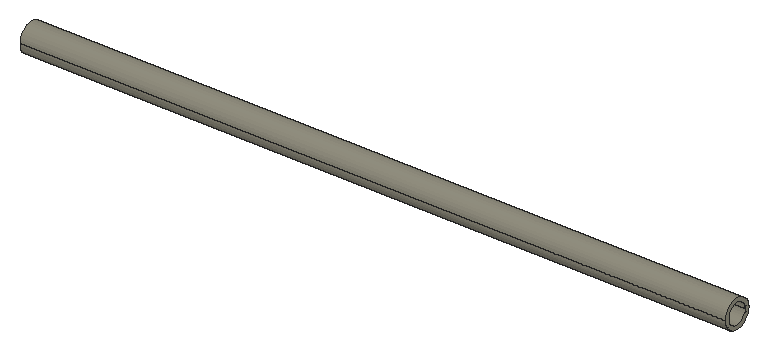
Revit family "Construction_Roof-Accessories_Alpine-SnowGuards_PP75-Pipe", category Specialty Equipment, Revit 2019
Family settings
  Round Connector Dimension = Use Diameter
  Part Type = Normal
  OmniClass Number = 23.35.20.31.27.14
  OmniClass Title = Snow Guards
  Work Plane-Based = No
  Always vertical = Yes
  Cut with Voids When Loaded = No
  Shared = No
  Room Calculation Point = No
Parameters (values of type "PP75")
  URL = "https://www.alpinesnowguards.com/pipe-style-accessories-page?utm_source=bimobject&utm_medium=productlisting&utm_campaign=2022marketing"
  Product data url = "https://www.bimobject.com/alpine-snowguards/product/pipe-style-snow-guard-accessories"
  Product Material [instance] = Alpine SnowGuards - Aluminium - Mill Finish
  Product Guid = "61fc9796-3cde-4d78-8ab7-833e68d74063"
  Pipe Length [instance] = 36.63918"
  Pipe Outside Diameter [instance] = 1"
  PID [instance] = Pipe Outside Diameter - 2 * 1/8"  # 3/4"
  Model = "PP75"
  Manufacturer = "Alpine SnowGuards"  # constant formula
  Length [instance] = 25"
  Keynote = "07720"
  Edition number = 1
  Description = "Pipe Style Snow Guard Accessories- PP75 Pipe"  # constant formula
  Collar Diameter [instance] = Pipe Outside Diameter + 5" / 16  # 1 5/16"
  Cap Diameter [instance] = Pipe Outside Diameter - 2 * 1/32"  # 15/16"
  Assembly Code = "B3010"
Reference planes (in)
  plane 1 "Center (Front/Back)": y = 0
  plane 2: z = 0
  plane 3 "Center (Left/Right)": x = 0
  plane 4: x = 25
  plane 5: x = 12.5
  plane 6: z = 0
Forms (in)
  Sweep 1, solid, material "Alpine SnowGuards - Aluminium - Mill Finish" <- "Product Material"
    path origin (0, 0, 0) x (1, 0, 0) y (0, 1, 0)
      loop
        line (0, 0) -> (25, 0)
    profile origin (12.5, 0, 0) x (0, 1, 0) y (0, 0, 1)
      loop
        circle (0, 0) r 0.5
      loop
        circle (0, 0) r 0.375
Dimensions and locks (in)
  equal spacing: plane 3 "Center (Left/Right)", plane 5, plane 4
  "Length": plane 3 "Center (Left/Right)" to plane 4
  "Pipe Outside Diameter": diameter of Sweep 1 sketch curve
  "PID": diameter of Sweep 1 sketch curve
  aligned and locked: level to plane 2
  aligned and locked: plane 3 "Center (Left/Right)" to Sweep 1 sketch curve
  aligned and locked: plane 1 "Center (Front/Back)" to Sweep 1 sketch curve
  aligned and locked: plane 4 to Sweep 1 sketch curve
  aligned and locked: profile plane to Sweep 1 sketch curve
  aligned and locked: plane 2 to Sweep 1 sketch curve
Automatic sketch dimensions
  Sweep 1 sketch curve to Sweep 1 sketch curve = 0"  (x2)
